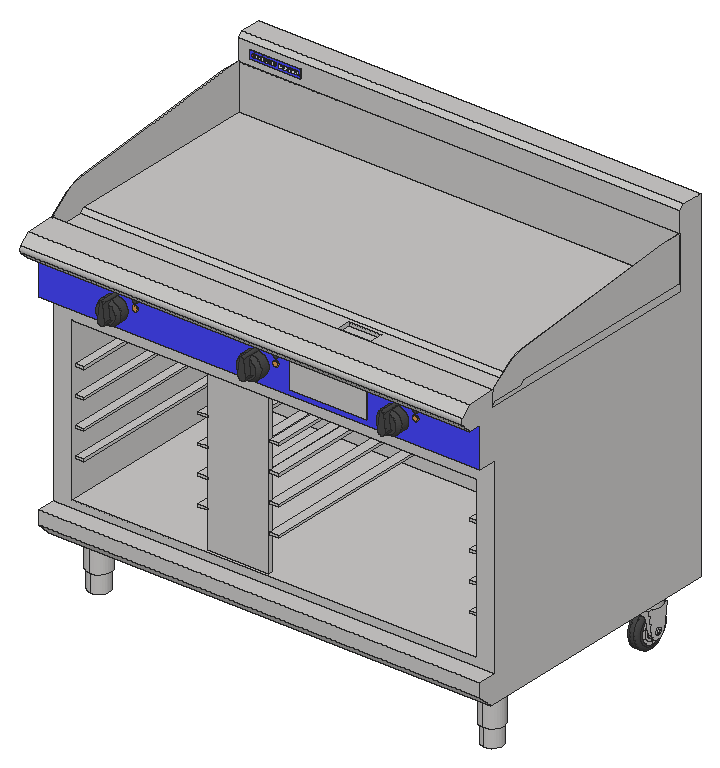
Revit family "QF_MOFFAT_BLUESEAL_CE_EP518-CB", category Specialty Equipment, Revit 2012
Parameters
  Weight in Pounds = 396  # constant formula
  Watts = 18000 W
  Volts = 400 V
  URL Cutsheet = "www.moffat.com"
  URL = "www.moffat.com"
  Type Mark [instance] = ""
  Status [instance] = ""
  Specification by User [instance] = ""
  Specification by Manufacturer = ""
  Show Logo [instance] = yes
  Show Casters [instance] = yes
  Serial Number = ""
  Seismic Rating = ""
  SMACNA No = ""
  Revision Code [instance] = ""
  Phase = 3
  Omniclass Number and Title = ""
  Number of Poles [instance] = 1
  NAFEM Spec ID Number = ""
  Model = "EP518-CB"
  Min Ckt Ampacity = 0 A
  Max Overcurrent Protection = 0 A
  Masterspec = ""
  Manufacturer = "MOFFAT BLUESEAL"
  Legs [instance] = not(Show Casters)  # no
  Item Number [instance] = ""
  Installed By [instance] = ""
  Identify Quantity as Lot [instance] = yes
  HP = ""
  Furnished By [instance] = ""
  Foodservice Equipment Identifier [instance] = yes
  FL Amps = 25 A
  Electrical Remarks = "25A PER PHASE"
  Electric Connection Type = ""
  Elec Conn RI Height = 0.0 mm
  Elec Conn Connection Height = 0.0 mm
  Description = "1200MM ELECTRIC GRIDDLE PLATE ON CABINET BASE"
  Cycle = 50 Hz
  Conn Plug = ""
  Conn Conduit = yes
  CSI MasterFormat = ""
  CSI Master Format = ""
  Body Height [instance] = 915.0 mm
  Base Height [instance] = 150.0 mm
  Apparent Power = if(Phase = 3, Volts * FL Amps * 1.73, Volts * FL Amps)  # 17300 VA
Reference planes
  plane 1 "BACK": y = 0
  plane 2: z = 0
  plane 3 "LEFT": x = 0
  plane 4 "RIGHT": x = 1200
  plane 5 "FRONT": y = -812
  plane 6 "TOP": z = 970
  plane 7 "Center Y": x = 600
  plane 8 "Center X": y = -406
  plane 9 "Base Height": z = 150
  plane 10: x = 1134
  plane 11: x = 65
  plane 12: z = 915
  plane 13: z = 1085
  plane 14: y = -100
  plane 15: y = -625
Forms (mm)
  Extrusion 1, solid, material "QF_Finishes_Stainless Steel"
    sketch origin (0, 0, 0) x (0, 1, 0) y (0, 0, 1)
      loop
        line (0, 150) -> (0, 1085) -> (-57.5, 1085) -> (-70, 1072.5) -> (-70, 875) -> (-705, 875) -> (-705, 915) -> (-783.97, 915) -> (-808.485, 890.485)
        arc (-808.485, 890.485) -> (-811.999, 882) -> (-808.485, 873.515) r 12
        line (-808.485, 873.515) -> (-784.97, 850) -> (-749, 850) -> (-749, 740) -> (-135.7, 740) -> (-135.7, 150) -> (0, 150)
      loop
        line (-699, 222.5) -> (-749, 222.5) -> (-749, 186) -> (-713, 150) -> (-699, 150) -> (-699, 222.5)
    from 0 to 1200
  Extrusion 2, solid, material "QF_Finishes_Stainless Steel"
    sketch origin (705, 3, 100) x (1, 0, 0) y (0, 1, 0)
      loop
        circle (365, -35) r 13.5
    from 555 to 599.856
  Revolve 3, solid, material "QF_Finishes_Stainless Steel"
    sketch origin (65, -728, 0) x (0, 1, 0) y (0, 0, 1)
      loop
        line (71.25, 150) -> (71.25, 50) -> (75.5, 50) -> (75.5, 0) -> (103, 0) -> (103, 150) -> (71.25, 150)
      axis (103, 150) -> (103, 0)
    angle from 0 to 360
  Revolve 4, solid, material "QF_Finishes_Stainless Steel"
    sketch origin (1134, -728, 0) x (0, 1, 0) y (0, 0, -1)
      loop
        line (71.25, -150) -> (103, -150) -> (103, 0) -> (75.5, 0) -> (75.5, -50) -> (71.25, -50) -> (71.25, -150)
      axis (103, -150) -> (103, 0)
    angle from 0 to 360
  Extrusion 5, solid, material "QF_Finishes_Stainless Steel"
    sketch origin (0, 0, 0) x (1, 0, 0) y (0, 0, 1)
      loop
        line (0, 740) -> (0, 150) -> (1200, 150) -> (1200, 740) -> (0, 740)
      loop
        line (50, 680) -> (50, 242.5) -> (1150, 242.5) -> (1150, 680) -> (50, 680)
    from 135.7 to 699
  Extrusion 6, void
    sketch origin (0, 0, 150) x (-1, 0, 0) y (0, -1, 0)
      loop
        line (-1133.988, 87.26) -> (-1133.988, -30.24) -> (-1004.488, -30.24) -> (-1004.488, 38.76) -> (-1052.988, 87.26) -> (-1133.988, 87.26)
    from 72.5 to 549.856
  Extrusion 7, solid, material "QF_Finishes_Stainless Steel"
    sketch origin (0, -135.7, 735) x (0, 0, 1) y (-1, 0, 0)
      loop
        line (-50, -578.5) -> (-50, -412.5) -> (-492.5, -412.5) -> (-492.5, -578.5) -> (-50, -578.5)
    from 543.302 to 553.302
  Extrusion 8, solid, material "QF_Finishes_Stainless Steel"
    sketch origin (0, -135.7, 735) x (0, 0, 1) y (-1, 0, 0)
      loop
        line (-246.25, -410.75) -> (-239.9, -410.75) -> (-239.9, -385.75) -> (-246.25, -385.75) -> (-246.25, -410.75)
      loop
        line (-321.25, -410.75) -> (-314.9, -410.75) -> (-314.9, -385.75) -> (-321.25, -385.75) -> (-321.25, -410.75)
      loop
        line (-321.25, -50) -> (-321.25, -75) -> (-314.9, -75) -> (-314.9, -50) -> (-321.25, -50)
      loop
        line (-239.9, -75) -> (-239.9, -50) -> (-246.25, -50) -> (-246.25, -75) -> (-239.9, -75)
      loop
        line (-396.25, -410.75) -> (-389.9, -410.75) -> (-389.9, -385.75) -> (-396.25, -385.75) -> (-396.25, -410.75)
      loop
        line (-396.25, -50) -> (-396.25, -75) -> (-389.9, -75) -> (-389.9, -50) -> (-396.25, -50)
      loop
        line (-171.25, -410.75) -> (-164.9, -410.75) -> (-164.9, -385.75) -> (-171.25, -385.75) -> (-171.25, -410.75)
      loop
        line (-164.9, -75) -> (-164.9, -50) -> (-171.25, -50) -> (-171.25, -75) -> (-164.9, -75)
      loop
        line (-246.25, -579.25) -> (-246.25, -604.25) -> (-239.9, -604.25) -> (-239.9, -579.25) -> (-246.25, -579.25)
      loop
        line (-321.25, -579.25) -> (-321.25, -604.25) -> (-314.9, -604.25) -> (-314.9, -579.25) -> (-321.25, -579.25)
      loop
        line (-321.25, -1150) -> (-314.9, -1150) -> (-314.9, -1125) -> (-321.25, -1125) -> (-321.25, -1150)
      loop
        line (-239.9, -1125) -> (-246.25, -1125) -> (-246.25, -1150) -> (-239.9, -1150) -> (-239.9, -1125)
      loop
        line (-396.25, -579.25) -> (-396.25, -604.25) -> (-389.9, -604.25) -> (-389.9, -579.25) -> (-396.25, -579.25)
      loop
        line (-396.25, -1150) -> (-389.9, -1150) -> (-389.9, -1125) -> (-396.25, -1125) -> (-396.25, -1150)
      loop
        line (-171.25, -579.25) -> (-171.25, -604.25) -> (-164.9, -604.25) -> (-164.9, -579.25) -> (-171.25, -579.25)
      loop
        line (-164.9, -1125) -> (-171.25, -1125) -> (-171.25, -1150) -> (-164.9, -1150) -> (-164.9, -1125)
    from 0 to 553.302
  Revolve 9, solid, material "QF_Finishes_Black"
    sketch origin (217.5, 7, 757.8) x (0, 1, 0) y (0, 0, -1)
      loop
        line (-789, -69.5) -> (-766, -69.5) -> (-766, -42) -> (-756, -42) -> (-756, -37) -> (-800, -37) -> (-800, -63.651) -> (-789, -69.5)
      axis (-800, -37) -> (-756, -37)
    angle from 0 to 360
  Extrusion 10, solid, material "QF_Finishes_Black"
    sketch origin (355.77, 0, 757.958) x (-1, 0, 0) y (0, 0, -1)
      loop
        line (127.85, -26.064) -> (133.27, -68.983)
        arc (133.27, -68.983) -> (138.269, -73.87) -> (143.267, -68.983) r 5
        line (143.267, -68.983) -> (148.756, -24.898)
        arc (148.756, -24.898) -> (137.684, -14.399) -> (127.85, -26.064) r 10.487
    from 759 to 808
  Revolve 11, solid, material "QF_Finishes_Black"
    sketch origin (600, 7, 757.8) x (0, 1, 0) y (0, 0, -1)
      loop
        line (-789, -69.5) -> (-766, -69.5) -> (-766, -42) -> (-756, -42) -> (-756, -37) -> (-800, -37) -> (-800, -63.651) -> (-789, -69.5)
      axis (-800, -37) -> (-756, -37)
    angle from 0 to 360
  Extrusion 12, solid, material "QF_Finishes_Black"
    sketch origin (738.27, 0, 757.958) x (-1, 0, 0) y (0, 0, -1)
      loop
        line (127.85, -26.064) -> (133.27, -68.983)
        arc (133.27, -68.983) -> (138.269, -73.87) -> (143.267, -68.983) r 5
        line (143.267, -68.983) -> (148.756, -24.898)
        arc (148.756, -24.898) -> (137.684, -14.399) -> (127.85, -26.064) r 10.487
    from 759 to 808
  Revolve 13, solid, material "QF_Finishes_Stainless Steel", visible <- "Legs"
    sketch origin (65.5, -166, 0) x (0, 1, 0) y (0, 0, 1)
      loop
        line (34.25, 150) -> (34.25, 50) -> (38.5, 50) -> (38.5, 0) -> (66, 0) -> (66, 150) -> (34.25, 150)
      axis (66, 150) -> (66, 0)
    angle from 0 to 360
  Revolve 14, solid, material "QF_Finishes_Stainless Steel", visible <- "Show Casters"
    sketch origin (16.276, -100.755, -12.8) x (1, 0, 0) y (0, 0, 1)
      loop
        line (14.841, 63.604) -> (83.584, 63.604) -> (83.584, 67.109) -> (82.314, 68.379) -> (80.79, 68.379) -> (80.79, 71.826) -> (68.644, 71.826) -> (68.644, 81.79) -> (65.088, 83.843) -> (63.738, 92.179) -> (65.881, 92.179) -> (65.881, 98.529) -> (65.088, 98.529) -> (65.088, 104.879)
        arc (65.088, 104.879) -> (62.298, 111.614) -> (55.563, 114.404) r 9.525
        line (55.563, 114.404) -> (42.863, 114.404)
        arc (42.863, 114.404) -> (36.127, 111.614) -> (33.338, 104.879) r 9.525
        line (33.338, 104.879) -> (33.338, 98.529) -> (32.544, 98.529) -> (32.544, 92.179) -> (34.687, 92.179) -> (33.352, 83.932) -> (29.782, 81.871) -> (29.782, 71.826) -> (17.635, 71.826) -> (17.635, 68.379) -> (16.111, 68.379) -> (14.841, 67.109) -> (14.841, 63.604)
      axis (14.841, 63.604) -> (83.584, 63.604)
    angle from 0 to 360
  Extrusion 15, solid, material "QF_Finishes_Stainless Steel", visible <- "Show Casters"
    sketch origin (72.001, 132.353, -8.783) x (0, 1, 0) y (0, 0, 1)
      loop
        line (-200.603, 118.783) -> (-264.103, 118.783) -> (-251.746, 53.895)
        arc (-251.746, 53.895) -> (-232.353, 38.783) -> (-212.959, 53.895) r 20
        line (-212.959, 53.895) -> (-200.603, 118.783)
    from -35.667 to 22.923
  Revolve 16, solid, material "QF_Finishes_Stainless Steel", visible <- "Show Casters"
    sketch origin (65.5, -204, 0) x (0, 1, 0) y (0, 0, 1)
      loop
        line (68.25, 150) -> (68.25, 110) -> (104, 110) -> (104, 150) -> (68.25, 150)
      axis (104, 150) -> (104, 110)
    angle from 0 to 360
  Revolve 17, solid, material "QF_Finishes_Stainless Steel", visible <- "Legs"
    sketch origin (65.5, -166, 0) x (0, 1, 0) y (0, 0, 1)
      loop
        line (34.25, 150) -> (34.25, 50) -> (38.5, 50) -> (38.5, 0) -> (66, 0) -> (66, 150) -> (34.25, 150)
      axis (66, 150) -> (66, 0)
    angle from 0 to 360
  Revolve 18, solid, material "QF_Finishes_Stainless Steel", visible <- "Legs"
    sketch origin (1134.5, -166, 0) x (0, 1, 0) y (0, 0, -1)
      loop
        line (34.25, -150) -> (66, -150) -> (66, 0) -> (38.5, 0) -> (38.5, -50) -> (34.25, -50) -> (34.25, -150)
      axis (66, -150) -> (66, 0)
    angle from 0 to 360
  Revolve 19, solid, material "QF_Finishes_Stainless Steel", visible <- "Show Casters"
    sketch origin (1183.724, -100.755, -12.8) x (-1, 0, 0) y (0, 0, -1)
      loop
        line (14.841, -63.604) -> (14.841, -67.109) -> (16.111, -68.379) -> (17.635, -68.379) -> (17.635, -71.826) -> (29.782, -71.826) -> (29.782, -81.871) -> (33.352, -83.932) -> (34.687, -92.179) -> (32.544, -92.179) -> (32.544, -98.529) -> (33.338, -98.529) -> (33.338, -104.879)
        arc (33.338, -104.879) -> (36.127, -111.614) -> (42.863, -114.404) r 9.525
        line (42.863, -114.404) -> (55.563, -114.404)
        arc (55.563, -114.404) -> (62.298, -111.614) -> (65.088, -104.879) r 9.525
        line (65.088, -104.879) -> (65.088, -98.529) -> (65.881, -98.529) -> (65.881, -92.179) -> (63.738, -92.179) -> (65.088, -83.843) -> (68.644, -81.79) -> (68.644, -71.826) -> (80.79, -71.826) -> (80.79, -68.379) -> (82.314, -68.379) -> (83.584, -67.109) -> (83.584, -63.604) -> (14.841, -63.604)
      axis (14.841, -63.604) -> (83.584, -63.604)
    angle from 0 to 360
  Extrusion 20, solid, material "QF_Finishes_Stainless Steel", visible <- "Show Casters"
    sketch origin (1127.999, 132.353, -8.783) x (0, 1, 0) y (0, 0, -1)
      loop
        line (-200.603, -118.783) -> (-212.959, -53.895)
        arc (-212.959, -53.895) -> (-232.353, -38.783) -> (-251.746, -53.895) r 20
        line (-251.746, -53.895) -> (-264.103, -118.783) -> (-200.603, -118.783)
    from -35.667 to 22.923
  Revolve 21, solid, material "QF_Finishes_Stainless Steel", visible <- "Show Casters"
    sketch origin (1134.5, -204, 0) x (0, 1, 0) y (0, 0, -1)
      loop
        line (68.25, -150) -> (104, -150) -> (104, -110) -> (68.25, -110) -> (68.25, -150)
      axis (104, -150) -> (104, -110)
    angle from 0 to 360
  Revolve 22, solid, material "QF_Finishes_Stainless Steel", visible <- "Legs"
    sketch origin (1134.5, -166, 0) x (0, 1, 0) y (0, 0, -1)
      loop
        line (34.25, -150) -> (66, -150) -> (66, 0) -> (38.5, 0) -> (38.5, -50) -> (34.25, -50) -> (34.25, -150)
      axis (66, -150) -> (66, 0)
    angle from 0 to 360
  Extrusion 23, solid, material "QF_Finishes_Orange"
    sketch origin (0, -749, 850) x (0, 0, -1) y (1, 0, 0)
      loop
        circle (45.2, 1025.121) r 7.15
      loop
        circle (45.2, 645.005) r 7.15
      loop
        circle (45.2, 262.505) r 7.15
    from 0 to 1
  Revolve 24, solid, material "QF_Finishes_Black"
    sketch origin (980.116, 7, 757.8) x (0, 1, 0) y (0, 0, -1)
      loop
        line (-789, -69.5) -> (-766, -69.5) -> (-766, -42) -> (-756, -42) -> (-756, -37) -> (-800, -37) -> (-800, -63.651) -> (-789, -69.5)
      axis (-800, -37) -> (-756, -37)
    angle from 0 to 360
  Extrusion 25, solid, material "QF_Finishes_Black"
    sketch origin (1118.385, 0, 757.958) x (-1, 0, 0) y (0, 0, -1)
      loop
        line (127.85, -26.064) -> (133.27, -68.983)
        arc (133.27, -68.983) -> (138.269, -73.87) -> (143.267, -68.983) r 5
        line (143.267, -68.983) -> (148.756, -24.898)
        arc (148.756, -24.898) -> (137.684, -14.399) -> (127.85, -26.064) r 10.487
    from 759 to 808
  Extrusion 26, solid, material "QF_Finishes_Black"
    sketch origin (0, -749, 850) x (0, 0, -1) y (1, 0, 0)
      loop
        circle (25.2, 1025.121) r 7.15
      loop
        circle (25.2, 645.005) r 7.15
      loop
        circle (25.2, 262.505) r 7.15
    from 0 to 1
  Extrusion 27, solid, material "QF_Finishes_Stainless Steel"
    sketch origin (0, -749, 850) x (0, 0, -1) y (1, 0, 0)
      loop
        line (9.201, 893) -> (9.201, 683) -> (96.1, 683) -> (96.1, 893) -> (9.201, 893)
    from 0 to 1
  Extrusion 28, solid, material "QF_Finishes_Black"
    sketch origin (0, -750, 850) x (0, 0, -1) y (1, 0, 0)
      loop
        line (9.201, 893) -> (9.201, 683) -> (14.201, 683) -> (14.201, 893) -> (9.201, 893)
    from 0 to 10
Cuts and joins
  Extrusion 6 cuts Extrusion 1
  joined: Extrusion 1, Extrusion 5
Lines and regions (mm)
  Split face 1
    outline origin (1200, 0, 1085) x (-1, 0, 0) y (0, -1, 0)
      loop
        arc (1167.206, 18.385) -> (1175.866, 23.385) -> (1175.866, 33.385) r 10
        line (1175.866, 33.385) -> (1171.824, 40.385)
        arc (1171.824, 40.385) -> (1168.164, 44.045) -> (1163.164, 45.385) r 10
        line (1163.164, 45.385) -> (935.206, 45.385)
        arc (935.206, 45.385) -> (926.545, 40.385) -> (926.545, 30.385) r 10
        line (926.545, 30.385) -> (930.587, 23.385)
        arc (930.587, 23.385) -> (934.247, 19.725) -> (939.247, 18.385) r 10
        line (939.247, 18.385) -> (1167.206, 18.385)
  Split face 2
    outline origin (1200, 0, 1085) x (-1, 0, 0) y (0, -1, 0)
      loop
        arc (35.206, 45.385) -> (26.545, 40.385) -> (26.545, 30.385) r 10
        line (26.545, 30.385) -> (30.587, 23.385)
        arc (30.587, 23.385) -> (34.247, 19.725) -> (39.247, 18.385) r 10
        line (39.247, 18.385) -> (267.206, 18.385)
        arc (267.206, 18.385) -> (275.866, 23.385) -> (275.866, 33.385) r 10
        line (275.866, 33.385) -> (271.824, 40.385)
        arc (271.824, 40.385) -> (268.164, 44.045) -> (263.164, 45.385) r 10
        line (263.164, 45.385) -> (35.206, 45.385)
  Split face 3
    outline origin (1200, 0, 1085) x (-1, 0, 0) y (0, -1, 0)
      loop
        arc (335.206, 45.385) -> (326.545, 40.385) -> (326.545, 30.385) r 10
        line (326.545, 30.385) -> (330.587, 23.385)
        arc (330.587, 23.385) -> (334.247, 19.725) -> (339.247, 18.385) r 10
        line (339.247, 18.385) -> (567.206, 18.385)
        arc (567.206, 18.385) -> (575.866, 23.385) -> (575.866, 33.385) r 10
        line (575.866, 33.385) -> (571.824, 40.385)
        arc (571.824, 40.385) -> (568.164, 44.045) -> (563.164, 45.385) r 10
        line (563.164, 45.385) -> (335.206, 45.385)
  Split face 4
    outline origin (1200, 0, 1085) x (-1, 0, 0) y (0, -1, 0)
      loop
        arc (867.206, 18.385) -> (875.866, 23.385) -> (875.866, 33.385) r 10
        line (875.866, 33.385) -> (871.824, 40.385)
        arc (871.824, 40.385) -> (868.164, 44.045) -> (863.164, 45.385) r 10
        line (863.164, 45.385) -> (635.206, 45.385)
        arc (635.206, 45.385) -> (626.545, 40.385) -> (626.545, 30.385) r 10
        line (626.545, 30.385) -> (630.587, 23.385)
        arc (630.587, 23.385) -> (634.247, 19.725) -> (639.247, 18.385) r 10
        line (639.247, 18.385) -> (867.206, 18.385)
  symbolic lines
    curve 1: line (1200, -812, 0) -> (1200, 0, 0)
    curve 2: line (0, -812, 0) -> (1200, -812, 0)
    curve 3: line (0, 0, 0) -> (0, -812, 0)
    curve 12: line (632.794, -18.385, 0) -> (860.753, -18.385, 0)
    curve 13: line (560.753, -18.385, 0) -> (332.794, -18.385, 0)
    curve 14: arc (332.794, -18.385, 0) -> (324.134, -23.385, 0) -> (324.134, -33.385, 0) r 10
    curve 15: line (324.134, -33.385, 0) -> (328.176, -40.385, 0)
    curve 16: arc (328.176, -40.385, 0) -> (331.836, -44.045, 0) -> (336.836, -45.385, 0) r 10
    curve 17: line (336.836, -45.385, 0) -> (564.794, -45.385, 0)
    curve 18: arc (564.794, -45.385, 0) -> (573.455, -40.385, 0) -> (573.455, -30.385, 0) r 10
    curve 19: line (573.455, -30.385, 0) -> (569.413, -23.385, 0)
    curve 20: arc (569.413, -23.385, 0) -> (565.753, -19.725, 0) -> (560.753, -18.385, 0) r 10
    curve 21: line (32.794, -18.385, 0) -> (260.753, -18.385, 0)
    curve 22: arc (260.753, -18.385, 0) -> (265.753, -19.725, 0) -> (269.413, -23.385, 0) r 10
    curve 23: line (269.413, -23.385, 0) -> (273.455, -30.385, 0)
    curve 24: arc (273.455, -30.385, 0) -> (273.455, -40.385, 0) -> (264.794, -45.385, 0) r 10
    curve 25: line (264.794, -45.385, 0) -> (36.836, -45.385, 0)
    curve 26: arc (36.836, -45.385, 0) -> (31.836, -44.045, 0) -> (28.176, -40.385, 0) r 10
    curve 27: line (28.176, -40.385, 0) -> (24.134, -33.385, 0)
    curve 28: arc (24.134, -33.385, 0) -> (24.134, -23.385, 0) -> (32.794, -18.385, 0) r 10
    curve 29: line (932.794, -18.385, 0) -> (1160.753, -18.385, 0)
    curve 30: arc (1160.753, -18.385, 0) -> (1165.753, -19.725, 0) -> (1169.413, -23.385, 0) r 10
    curve 31: line (1169.413, -23.385, 0) -> (1173.455, -30.385, 0)
    curve 32: arc (1173.455, -30.385, 0) -> (1173.455, -40.385, 0) -> (1164.794, -45.385, 0) r 10
    curve 33: line (1164.794, -45.385, 0) -> (936.836, -45.385, 0)
    curve 34: arc (936.836, -45.385, 0) -> (931.836, -44.045, 0) -> (928.176, -40.385, 0) r 10
    curve 35: line (928.176, -40.385, 0) -> (924.134, -33.385, 0)
    curve 36: arc (924.134, -33.385, 0) -> (924.134, -23.385, 0) -> (932.794, -18.385, 0) r 10
    curve 37: line (636.836, -45.385, 0) -> (864.794, -45.385, 0)
    curve 38: arc (864.794, -45.385, 0) -> (873.455, -40.385, 0) -> (873.455, -30.385, 0) r 10
    curve 39: line (873.455, -30.385, 0) -> (869.413, -23.385, 0)
    curve 40: arc (869.413, -23.385, 0) -> (865.753, -19.725, 0) -> (860.753, -18.385, 0) r 10
    curve 41: line (860.753, -18.385, 0) -> (632.794, -18.385, 0)
    curve 42: arc (632.794, -18.385, 0) -> (624.134, -23.385, 0) -> (624.134, -33.385, 0) r 10
    curve 43: line (624.134, -33.385, 0) -> (628.176, -40.385, 0)
    curve 44: arc (628.176, -40.385, 0) -> (631.836, -44.045, 0) -> (636.836, -45.385, 0) r 10
    curve 45: line (0, 0, 0) -> (1200, 0, 0)
    curve 46: line (0, -783.97, 0) -> (1200, -783.97, 0)
    curve 47: line (-1, -705, 0) -> (1199, -705, 0)
    curve 48: line (0, -70, 0) -> (1200, -70, 0)
    curve 49: line (0, -57.5, 0) -> (1200, -57.5, 0)
  symbolic lines, style "SpecialityEquipmentHiddenLines", visible <- "Show Casters"
    curve 4: line (78.456, -46.735, 0) -> (105.952, -62.61, 0)
    curve 5: line (27.656, -134.723, 0) -> (78.456, -46.735, 0)
    curve 6: line (55.152, -150.598, 0) -> (27.656, -134.723, 0)
    curve 7: line (105.952, -62.61, 0) -> (55.152, -150.598, 0)
    curve 8: line (1148.456, -46.735, 0) -> (1175.952, -62.61, 0)
    curve 9: line (1097.656, -134.723, 0) -> (1148.456, -46.735, 0)
    curve 10: line (1125.152, -150.598, 0) -> (1097.656, -134.723, 0)
    curve 11: line (1175.952, -62.61, 0) -> (1125.152, -150.598, 0)
Dimensions and locks
  equal spacing: plane 3 "LEFT", plane 7 "Center Y", plane 4 "RIGHT"
  plane 3 "LEFT" to plane 4 "RIGHT" = 1200.0 mm
  equal spacing: plane 5 "FRONT", plane 8 "Center X", plane 1 "BACK"
  plane 5 "FRONT" to plane 1 "BACK" = 812.0 mm
  "Base Height": plane 9 "Base Height" to level
  plane 6 "TOP" to level = 970.0 mm
  plane 10 to plane 11 = 1069.0 mm
  level to Extrusion 2 = 655.0 mm
  Extrusion 6 to Extrusion 6 = 477.356 mm
  plane 13 to plane 2 = 1085.0 mm
  Extrusion 2 sketch curve to plane 1 "BACK" = 32.0 mm
  Revolve 14 sketch curve to Revolve 14 sketch curve = 50.8 mm
  Revolve 19 sketch curve to Revolve 19 sketch curve = 50.8 mm
  aligned and locked: level to plane 2
Automatic sketch dimensions
  curve 2 to plane 3 "LEFT" = 0.0 mm
  curve 2 to plane 4 "RIGHT" = 0.0 mm
  plane 5 "FRONT" to curve 3 = 0.0 mm
  plane 1 "BACK" to curve 3 = 0.0 mm
  curve 47 to plane 3 "LEFT" = 1.0 mm
  plane 3 "LEFT" to curve 27 = 24.134 mm
  plane 3 "LEFT" to curve 5 = 27.656 mm
  curve 28 to curve 27 = 4.041 mm
  curve 28 to curve 28 = 8.66 mm
  curve 26 to curve 25 = 8.66 mm
  curve 7 to plane 11 = 9.848 mm
  plane 11 to curve 4 = 13.456 mm
  plane 1 "BACK" to curve 22 = 28.385 mm
  curve 4 to curve 22 = 154.801 mm
  curve 22 to curve 25 = 4.041 mm
  plane 1 "BACK" to curve 23 = 23.385 mm
  curve 22 to curve 23 = 8.66 mm
  plane 1 "BACK" to curve 23 = 30.385 mm
  curve 22 to curve 23 = 4.041 mm
  curve 23 to curve 14 = 50.679 mm
  plane 1 "BACK" to curve 15 = 40.385 mm
  curve 15 to curve 15 = 4.041 mm
  curve 14 to curve 13 = 8.66 mm
  curve 15 to curve 17 = 8.66 mm
  curve 20 to plane 7 "Center Y" = 39.247 mm
  curve 20 to curve 17 = 4.041 mm
  curve 20 to curve 19 = 8.66 mm
  curve 19 to curve 18 = 4.041 mm
  plane 7 "Center Y" to curve 42 = 24.134 mm
  curve 42 to curve 44 = 4.041 mm
  curve 43 to curve 42 = 8.66 mm
  curve 44 to curve 37 = 8.66 mm
  plane 1 "BACK" to curve 40 = 18.385 mm
  curve 44 to curve 40 = 223.917 mm
  curve 40 to curve 38 = 4.041 mm
  curve 40 to curve 40 = 8.66 mm
  curve 39 to curve 38 = 4.041 mm
  plane 1 "BACK" to curve 35 = 33.385 mm
  curve 39 to curve 35 = 50.679 mm
  plane 1 "BACK" to curve 35 = 40.385 mm
  curve 36 to curve 35 = 4.041 mm
  curve 36 to curve 36 = 8.66 mm
  curve 36 to curve 34 = 4.041 mm
  curve 10 to plane 10 = 36.344 mm
  curve 11 to plane 10 = 8.848 mm
  plane 10 to curve 8 = 14.456 mm
  plane 10 to curve 29 = 26.753 mm
  curve 8 to curve 33 = 16.339 mm
  curve 29 to curve 30 = 8.66 mm
  curve 31 to curve 31 = 4.041 mm
  plane 4 "RIGHT" to curve 47 = 1.0 mm
  curve 46 to plane 5 "FRONT" = 28.03 mm
  curve 46 to curve 47 = 78.97 mm
  plane 14 to curve 7 = 50.598 mm
  plane 14 to curve 10 = 50.598 mm
  curve 10 to curve 10 = 15.875 mm
  curve 6 to curve 5 = 15.875 mm
  curve 48 to plane 14 = 30.0 mm
  curve 48 to curve 49 = 12.5 mm
  curve 37 to curve 12 = 27.0 mm
  curve 25 to curve 21 = 27.0 mm
  curve 16 to curve 15 = 5.0 mm
  curve 34 to curve 34 = 5.0 mm
  curve 25 to curve 27 = 5.0 mm
  curve 37 to curve 44 = 5.0 mm
  curve 33 to curve 32 = 10.0 mm
  curve 17 to curve 18 = 10.0 mm
  curve 37 to curve 38 = 10.0 mm
  curve 26 to curve 27 = 7.0 mm
  curve 16 to curve 14 = 7.0 mm  (x2)
  curve 43 to curve 43 = 7.0 mm
  curve 38 to curve 40 = 7.0 mm
  curve 18 to curve 20 = 7.0 mm
  curve 34 to curve 36 = 7.0 mm
  curve 32 to curve 30 = 7.0 mm
  Extrusion 1 sketch curve to plane 12 = 0.0 mm
  Extrusion 1 sketch curve to plane 9 "Base Height" = 0.0 mm  (x2)
  Extrusion 1 sketch curve to plane 13 = 0.0 mm
  Extrusion 1 sketch curve to plane 1 "BACK" = 0.0 mm
  Extrusion 1 sketch curve to plane 14 = 42.5 mm
  Extrusion 1 sketch curve to plane 13 = 12.5 mm
  Extrusion 1 sketch curve to Extrusion 1 sketch curve = 12.5 mm
  plane 14 to Extrusion 1 sketch curve = 35.7 mm
  plane 15 to Extrusion 1 sketch curve = 74.0 mm
  Extrusion 1 sketch curve to plane 12 = 40.0 mm
  plane 15 to Extrusion 1 sketch curve = 80.0 mm
  Extrusion 1 sketch curve to Extrusion 1 sketch curve = 14.0 mm
  Extrusion 1 sketch curve to plane 5 "FRONT" = 63.0 mm
  Extrusion 1 sketch curve to Extrusion 1 sketch curve = 50.0 mm
  Extrusion 1 sketch curve to plane 5 "FRONT" = 28.03 mm
  Extrusion 1 sketch curve to plane 5 "FRONT" = 27.03 mm
  Extrusion 1 sketch curve to plane 5 "FRONT" = 12.001 mm
  Extrusion 1 sketch curve to plane 5 "FRONT" = 3.515 mm  (x2)
  plane 9 "Base Height" to Extrusion 1 sketch curve = 36.0 mm
  Extrusion 1 sketch curve to Extrusion 1 sketch curve = 36.5 mm
  Extrusion 1 sketch curve to Extrusion 1 sketch curve = 135.0 mm
  Extrusion 1 sketch curve to Extrusion 1 sketch curve = 25.0 mm
  Extrusion 1 sketch curve to Extrusion 1 sketch curve = 23.515 mm
  Extrusion 1 sketch curve to Extrusion 1 sketch curve = 8.485 mm
  Extrusion 2 sketch curve to plane 10 = 64.0 mm
  Revolve 3 sketch curve to plane 9 "Base Height" = 0.0 mm
  Revolve 3 sketch curve to level = 0.0 mm
  Revolve 3 sketch curve to plane 15 = 0.0 mm  (x2)
  plane 15 to Revolve 3 sketch curve = 27.5 mm
  plane 15 to Revolve 3 sketch curve = 31.75 mm
  Revolve 3 sketch curve to Revolve 3 sketch curve = 55.0 mm
  level to Revolve 3 sketch curve = 50.0 mm
  Revolve 3 sketch curve to Revolve 3 sketch curve = 0.0 mm
  Revolve 4 sketch curve to plane 9 "Base Height" = 0.0 mm
  Revolve 4 sketch curve to level = 0.0 mm
  Revolve 4 sketch curve to plane 15 = 0.0 mm  (x2)
  plane 15 to Revolve 4 sketch curve = 27.5 mm
  plane 15 to Revolve 4 sketch curve = 31.75 mm
  level to Revolve 4 sketch curve = 50.0 mm
  Revolve 4 sketch curve to Revolve 4 sketch curve = 0.0 mm
  Revolve 4 sketch curve to Revolve 4 sketch curve = 55.0 mm
  Extrusion 5 sketch curve to plane 3 "LEFT" = 0.0 mm
  plane 4 "RIGHT" to Extrusion 5 sketch curve = 0.0 mm
  Extrusion 5 sketch curve to plane 9 "Base Height" = 0.0 mm
  Extrusion 5 sketch curve to plane 11 = 15.0 mm
  plane 10 to Extrusion 5 sketch curve = 16.0 mm
  plane 9 "Base Height" to Extrusion 5 sketch curve = 92.5 mm
  Extrusion 5 sketch curve to plane 12 = 235.0 mm
  Extrusion 5 sketch curve to Extrusion 5 sketch curve = 60.0 mm
  Extrusion 6 sketch curve to plane 10 = 0.012 mm
  Extrusion 6 sketch curve to plane 14 = 12.74 mm
  Extrusion 6 sketch curve to Extrusion 6 sketch curve = 81.0 mm
  Extrusion 6 sketch curve to Extrusion 6 sketch curve = 48.5 mm
  plane 1 "BACK" to Extrusion 6 sketch curve = 38.76 mm
  Extrusion 6 sketch curve to plane 1 "BACK" = 30.24 mm
  Extrusion 7 sketch curve to Extrusion 1 = 92.5 mm
  Extrusion 1 to Extrusion 7 sketch curve = 55.0 mm
  Extrusion 1 to Extrusion 7 sketch curve = 578.5 mm
  Extrusion 7 sketch curve to Extrusion 7 sketch curve = 166.0 mm
  Extrusion 1 to Extrusion 8 sketch curve = 75.0 mm  (x2)
  Extrusion 8 sketch curve to Extrusion 1 = 188.75 mm  (x3)
  Extrusion 8 sketch curve to Extrusion 8 sketch curve = 0.0 mm  (x9)
  Extrusion 1 to Extrusion 8 sketch curve = 50.0 mm  (x4)
  Extrusion 8 sketch curve to Extrusion 8 sketch curve = 6.35 mm  (x16)
  Extrusion 8 sketch curve to Extrusion 8 sketch curve = 68.65 mm  (x12)
  Extrusion 8 sketch curve to Extrusion 8 sketch curve = 25.0 mm  (x16)
  Extrusion 8 sketch curve to Extrusion 8 sketch curve = 520.75 mm
  Extrusion 8 sketch curve to Extrusion 8 sketch curve = 168.5 mm
  Revolve 9 sketch curve to plane 5 "FRONT" = 19.0 mm
  Revolve 9 sketch curve to Revolve 9 sketch curve = 0.0 mm  (x2)
  Revolve 9 sketch curve to Revolve 9 sketch curve = 11.0 mm
  Revolve 9 sketch curve to Revolve 9 sketch curve = 12.7 mm
  Revolve 9 sketch curve to Revolve 9 sketch curve = 23.0 mm
  Revolve 9 sketch curve to Revolve 9 sketch curve = 10.0 mm
  Revolve 9 sketch curve to plane 12 = 87.7 mm
  Revolve 9 sketch curve to Revolve 9 sketch curve = 5.849 mm
  Revolve 9 sketch curve to Revolve 9 sketch curve = 27.5 mm
  Revolve 9 sketch curve to Revolve 9 sketch curve = 5.0 mm
  Extrusion 10 sketch curve to plane 7 "Center Y" = 372.08 mm
  Extrusion 10 sketch curve to Extrusion 10 sketch curve = 5.421 mm
  Extrusion 10 sketch curve to Extrusion 10 sketch curve = 10.419 mm
  Extrusion 10 sketch curve to Extrusion 10 sketch curve = 4.999 mm  (x2)
  Extrusion 10 sketch curve to plane 12 = 88.059 mm
  Extrusion 10 sketch curve to Extrusion 10 sketch curve = 10.487 mm
  Extrusion 10 sketch curve to Extrusion 10 sketch curve = 0.113 mm
  Extrusion 10 sketch curve to Extrusion 10 sketch curve = 42.919 mm
  Extrusion 10 sketch curve to Extrusion 10 sketch curve = 1.167 mm
  Revolve 11 sketch curve to plane 5 "FRONT" = 19.0 mm
  Revolve 11 sketch curve to Revolve 11 sketch curve = 0.0 mm  (x2)
  Revolve 11 sketch curve to Revolve 11 sketch curve = 11.0 mm
  Revolve 11 sketch curve to Revolve 11 sketch curve = 12.7 mm
  Revolve 11 sketch curve to Revolve 11 sketch curve = 23.0 mm
  Revolve 11 sketch curve to Revolve 11 sketch curve = 10.0 mm
  Revolve 11 sketch curve to plane 12 = 87.7 mm
  Revolve 11 sketch curve to Revolve 11 sketch curve = 5.849 mm
  Revolve 11 sketch curve to Revolve 11 sketch curve = 27.5 mm
  Revolve 11 sketch curve to Revolve 11 sketch curve = 5.0 mm
  plane 7 "Center Y" to Extrusion 12 sketch curve = 10.42 mm
  Extrusion 12 sketch curve to Extrusion 12 sketch curve = 5.421 mm
  Extrusion 12 sketch curve to Extrusion 12 sketch curve = 10.419 mm
  Extrusion 12 sketch curve to Extrusion 12 sketch curve = 4.999 mm  (x2)
  Extrusion 12 sketch curve to Extrusion 12 sketch curve = 10.487 mm
  Extrusion 12 sketch curve to plane 12 = 88.059 mm
  Extrusion 12 sketch curve to Extrusion 12 sketch curve = 0.113 mm
  Extrusion 12 sketch curve to Extrusion 12 sketch curve = 42.919 mm
  Extrusion 12 sketch curve to Extrusion 12 sketch curve = 1.167 mm
  Split face 1 sketch curve to cut or joined group of Extrusion 1, Extrusion 5, Extrusion 6 = 27.115 mm
  Split face 1 sketch curve to cut or joined group of Extrusion 1, Extrusion 5, Extrusion 6 = 273.455 mm
  Split face 1 sketch curve to Split face 1 sketch curve = 4.041 mm  (x4)
  Split face 1 sketch curve to Split face 1 sketch curve = 8.66 mm  (x2)
  Split face 1 sketch curve to cut or joined group of Extrusion 1, Extrusion 5, Extrusion 6 = 12.115 mm
  Split face 1 sketch curve to cut or joined group of Extrusion 1, Extrusion 5, Extrusion 6 = 36.836 mm
  Split face 1 sketch curve to Split face 1 sketch curve = 7.0 mm  (x3)
  Split face 1 sketch curve to Split face 1 sketch curve = 17.0 mm
  Split face 2 sketch curve to cut or joined group of Extrusion 1, Extrusion 5, Extrusion 6 = 26.545 mm
  Split face 2 sketch curve to Split face 2 sketch curve = 4.041 mm  (x4)
  Split face 2 sketch curve to Split face 2 sketch curve = 8.66 mm  (x2)
  Split face 2 sketch curve to cut or joined group of Extrusion 1, Extrusion 5, Extrusion 6 = 22.115 mm
  Split face 2 sketch curve to Split face 2 sketch curve = 223.917 mm
  Split face 2 sketch curve to cut or joined group of Extrusion 1, Extrusion 5, Extrusion 6 = 17.115 mm
  Split face 2 sketch curve to Split face 2 sketch curve = 10.0 mm
  Split face 2 sketch curve to Split face 2 sketch curve = 7.0 mm  (x3)
  Split face 3 sketch curve to cut or joined group of Extrusion 1, Extrusion 5, Extrusion 6 = 27.115 mm
  Split face 3 sketch curve to cut or joined group of Extrusion 1, Extrusion 5, Extrusion 6 = 326.545 mm
  Split face 3 sketch curve to cut or joined group of Extrusion 1, Extrusion 5, Extrusion 6 = 23.385 mm
  Split face 3 sketch curve to Split face 3 sketch curve = 4.041 mm  (x3)
  Split face 3 sketch curve to Split face 3 sketch curve = 8.66 mm  (x3)
  Split face 3 sketch curve to cut or joined group of Extrusion 1, Extrusion 5, Extrusion 6 = 12.115 mm
  Split face 3 sketch curve to Split face 3 sketch curve = 223.917 mm
  Split face 3 sketch curve to cut or joined group of Extrusion 1, Extrusion 5, Extrusion 6 = 17.115 mm
  Split face 3 sketch curve to cut or joined group of Extrusion 1, Extrusion 5, Extrusion 6 = 24.115 mm
  Split face 3 sketch curve to Split face 3 sketch curve = 5.0 mm
  Split face 4 sketch curve to cut or joined group of Extrusion 1, Extrusion 5, Extrusion 6 = 27.115 mm
  Split face 4 sketch curve to cut or joined group of Extrusion 1, Extrusion 5, Extrusion 6 = 573.455 mm
  Split face 4 sketch curve to Split face 4 sketch curve = 4.041 mm  (x4)
  Split face 4 sketch curve to Split face 4 sketch curve = 8.66 mm  (x2)
  Split face 4 sketch curve to cut or joined group of Extrusion 1, Extrusion 5, Extrusion 6 = 12.115 mm
  Split face 4 sketch curve to Split face 4 sketch curve = 223.917 mm
  Split face 4 sketch curve to Split face 4 sketch curve = 7.0 mm  (x3)
  Split face 4 sketch curve to Split face 4 sketch curve = 17.0 mm
  Revolve 13 sketch curve to plane 9 "Base Height" = 0.0 mm
  Revolve 13 sketch curve to level = 0.0 mm
  Revolve 13 sketch curve to plane 14 = 0.0 mm  (x2)
  Revolve 13 sketch curve to Revolve 13 sketch curve = 27.5 mm
  Revolve 13 sketch curve to Revolve 13 sketch curve = 31.75 mm
  Revolve 13 sketch curve to Revolve 13 sketch curve = 55.0 mm
  level to Revolve 13 sketch curve = 50.0 mm
  Revolve 13 sketch curve to Revolve 13 sketch curve = 0.0 mm
  plane 3 "LEFT" to Revolve 14 sketch curve = 31.118 mm
  Revolve 14 sketch curve to Revolve 14 sketch curve = 1.27 mm  (x4)
  Revolve 14 sketch curve to Revolve 14 sketch curve = 1.524 mm  (x2)
  Revolve 14 sketch curve to Revolve 14 sketch curve = 12.146 mm  (x2)
  Revolve 14 sketch curve to plane 11 = 16.18 mm
  Revolve 14 sketch curve to Revolve 14 sketch curve = 0.794 mm  (x2)
  Revolve 14 sketch curve to Revolve 14 sketch curve = 3.57 mm
  Revolve 14 sketch curve to Revolve 14 sketch curve = 2.143 mm
  Revolve 14 sketch curve to plane 11 = 5.861 mm
  plane 11 to Revolve 14 sketch curve = 5.63 mm
  plane 11 to Revolve 14 sketch curve = 6.839 mm
  plane 11 to Revolve 14 sketch curve = 15.015 mm
  Revolve 14 sketch curve to Revolve 14 sketch curve = 1.349 mm  (x2)
  Revolve 14 sketch curve to Revolve 14 sketch curve = 3.556 mm
  Revolve 14 sketch curve to Revolve 14 sketch curve = 33.32 mm
  level to Revolve 14 sketch curve = 50.804 mm
  Revolve 14 sketch curve to Revolve 14 sketch curve = 0.0 mm
  Revolve 14 sketch curve to Revolve 14 sketch curve = 3.505 mm  (x2)
  Revolve 14 sketch curve to Revolve 14 sketch curve = 3.447 mm  (x2)
  Revolve 14 sketch curve to Revolve 14 sketch curve = 9.964 mm
  Revolve 14 sketch curve to Revolve 14 sketch curve = 10.045 mm
  Revolve 14 sketch curve to Revolve 14 sketch curve = 2.053 mm
  Revolve 14 sketch curve to Revolve 14 sketch curve = 2.061 mm
  Revolve 14 sketch curve to Revolve 14 sketch curve = 8.247 mm
  Revolve 14 sketch curve to Revolve 14 sketch curve = 8.336 mm
  Revolve 14 sketch curve to Revolve 14 sketch curve = 6.35 mm  (x2)
  Extrusion 15 sketch curve to plane 14 = 0.0 mm
  plane 14 to Extrusion 15 sketch curve = 19.393 mm
  plane 14 to Extrusion 15 sketch curve = 31.75 mm
  Extrusion 15 sketch curve to plane 14 = 19.393 mm
  Extrusion 15 sketch curve to plane 14 = 31.75 mm
  level to Extrusion 15 sketch curve = 45.111 mm
  Extrusion 15 sketch curve to Extrusion 15 sketch curve = 4.889 mm
  Extrusion 15 sketch curve to plane 9 "Base Height" = 40.0 mm
  Revolve 16 sketch curve to plane 9 "Base Height" = 0.0 mm
  Revolve 16 sketch curve to plane 14 = 0.0 mm  (x2)
  plane 14 to Revolve 16 sketch curve = 35.75 mm
  Revolve 16 sketch curve to plane 9 "Base Height" = 40.0 mm
  level to Revolve 16 sketch curve = 50.0 mm
  Revolve 16 sketch curve to level = 55.0 mm
  Revolve 17 sketch curve to plane 9 "Base Height" = 0.0 mm
  Revolve 17 sketch curve to level = 0.0 mm
  Revolve 17 sketch curve to plane 14 = 0.0 mm  (x2)
  Revolve 17 sketch curve to Revolve 17 sketch curve = 27.5 mm
  Revolve 17 sketch curve to Revolve 17 sketch curve = 31.75 mm
  Revolve 17 sketch curve to Revolve 17 sketch curve = 55.0 mm
  level to Revolve 17 sketch curve = 50.0 mm
  Revolve 17 sketch curve to Revolve 17 sketch curve = 0.0 mm
  Revolve 18 sketch curve to plane 9 "Base Height" = 0.0 mm
  Revolve 18 sketch curve to level = 0.0 mm
  Revolve 18 sketch curve to plane 14 = 0.0 mm  (x2)
  Revolve 18 sketch curve to Revolve 18 sketch curve = 27.5 mm
  Revolve 18 sketch curve to Revolve 18 sketch curve = 31.75 mm
  level to Revolve 18 sketch curve = 50.0 mm
  Revolve 18 sketch curve to Revolve 18 sketch curve = 0.0 mm
  Revolve 18 sketch curve to Revolve 18 sketch curve = 55.0 mm
  plane 4 "RIGHT" to Revolve 19 sketch curve = 31.118 mm
  Revolve 19 sketch curve to Revolve 19 sketch curve = 1.27 mm  (x4)
  Revolve 19 sketch curve to Revolve 19 sketch curve = 1.524 mm  (x2)
  Revolve 19 sketch curve to Revolve 19 sketch curve = 12.146 mm  (x2)
  Revolve 19 sketch curve to Revolve 19 sketch curve = 2.762 mm
  Revolve 19 sketch curve to Revolve 19 sketch curve = 0.794 mm  (x2)
  Revolve 19 sketch curve to Revolve 19 sketch curve = 3.57 mm
  Revolve 19 sketch curve to Revolve 19 sketch curve = 2.143 mm
  plane 10 to Revolve 19 sketch curve = 6.861 mm
  Revolve 19 sketch curve to plane 10 = 4.63 mm
  Revolve 19 sketch curve to plane 10 = 5.839 mm
  Revolve 19 sketch curve to plane 10 = 14.015 mm
  Revolve 19 sketch curve to Revolve 19 sketch curve = 1.349 mm  (x2)
  Revolve 19 sketch curve to Revolve 19 sketch curve = 3.556 mm
  Revolve 19 sketch curve to Revolve 19 sketch curve = 33.32 mm
  Revolve 19 sketch curve to plane 9 "Base Height" = 48.396 mm
  Revolve 19 sketch curve to Revolve 19 sketch curve = 6.35 mm  (x4)
  Revolve 19 sketch curve to Revolve 19 sketch curve = 8.247 mm
  Revolve 19 sketch curve to Revolve 19 sketch curve = 8.336 mm
  Revolve 19 sketch curve to Revolve 19 sketch curve = 2.061 mm
  Revolve 19 sketch curve to Revolve 19 sketch curve = 2.053 mm
  Revolve 19 sketch curve to Revolve 19 sketch curve = 10.045 mm
  Revolve 19 sketch curve to Revolve 19 sketch curve = 9.964 mm
  Revolve 19 sketch curve to Revolve 19 sketch curve = 3.447 mm  (x2)
  Revolve 19 sketch curve to Revolve 19 sketch curve = 3.505 mm
  Extrusion 20 sketch curve to plane 14 = 0.0 mm
  plane 14 to Extrusion 20 sketch curve = 19.393 mm
  plane 14 to Extrusion 20 sketch curve = 31.75 mm
  Extrusion 20 sketch curve to plane 14 = 19.393 mm
  Extrusion 20 sketch curve to plane 14 = 31.75 mm
  Extrusion 20 sketch curve to plane 9 "Base Height" = 40.0 mm
  level to Extrusion 20 sketch curve = 50.0 mm
  Extrusion 20 sketch curve to Extrusion 20 sketch curve = 4.889 mm
  Revolve 21 sketch curve to plane 9 "Base Height" = 0.0 mm
  Revolve 21 sketch curve to plane 14 = 0.0 mm  (x2)
  plane 14 to Revolve 21 sketch curve = 35.75 mm
  Revolve 21 sketch curve to plane 9 "Base Height" = 40.0 mm
  level to Revolve 21 sketch curve = 50.0 mm
  Revolve 21 sketch curve to level = 55.0 mm
  Revolve 22 sketch curve to plane 9 "Base Height" = 0.0 mm
  Revolve 22 sketch curve to level = 0.0 mm
  Revolve 22 sketch curve to plane 14 = 0.0 mm  (x2)
  Revolve 22 sketch curve to Revolve 22 sketch curve = 27.5 mm
  Revolve 22 sketch curve to Revolve 22 sketch curve = 31.75 mm
  level to Revolve 22 sketch curve = 50.0 mm
  Revolve 22 sketch curve to Revolve 22 sketch curve = 0.0 mm
  Revolve 22 sketch curve to Revolve 22 sketch curve = 55.0 mm
  Revolve 24 sketch curve to plane 5 "FRONT" = 19.0 mm
  Revolve 24 sketch curve to Revolve 24 sketch curve = 0.0 mm  (x2)
  Revolve 24 sketch curve to Revolve 24 sketch curve = 11.0 mm
  Revolve 24 sketch curve to Revolve 24 sketch curve = 12.7 mm
  Revolve 24 sketch curve to Revolve 24 sketch curve = 23.0 mm
  Revolve 24 sketch curve to Revolve 24 sketch curve = 10.0 mm
  Revolve 24 sketch curve to plane 12 = 87.7 mm
  Revolve 24 sketch curve to Revolve 24 sketch curve = 5.849 mm
  Revolve 24 sketch curve to Revolve 24 sketch curve = 27.5 mm
  Revolve 24 sketch curve to Revolve 24 sketch curve = 5.0 mm
  plane 7 "Center Y" to Extrusion 25 sketch curve = 390.536 mm
  Extrusion 25 sketch curve to Extrusion 25 sketch curve = 5.421 mm
  Extrusion 25 sketch curve to Extrusion 25 sketch curve = 10.419 mm
  Extrusion 25 sketch curve to Extrusion 25 sketch curve = 4.999 mm  (x2)
  Extrusion 25 sketch curve to plane 12 = 88.059 mm
  Extrusion 25 sketch curve to Extrusion 25 sketch curve = 10.487 mm
  Extrusion 25 sketch curve to Extrusion 25 sketch curve = 0.113 mm
  Extrusion 25 sketch curve to Extrusion 25 sketch curve = 42.919 mm
  Extrusion 25 sketch curve to Extrusion 25 sketch curve = 1.167 mm
  Extrusion 1 to Extrusion 26 sketch curve = 25.2 mm  (x3)
  Extrusion 1 to Extrusion 26 sketch curve = 262.505 mm
  Extrusion 26 sketch curve to Extrusion 26 sketch curve = 382.5 mm
  Extrusion 1 to Extrusion 26 sketch curve = 174.879 mm
  Extrusion 1 to Extrusion 27 sketch curve = 9.201 mm
  Extrusion 1 to Extrusion 27 sketch curve = 13.9 mm
  Extrusion 1 to Extrusion 27 sketch curve = 517.0 mm
  Extrusion 27 sketch curve to Extrusion 27 sketch curve = 210.0 mm
  Extrusion 28 sketch curve to Extrusion 27 = 0.0 mm  (x3)
  Extrusion 28 sketch curve to Extrusion 27 = 5.0 mm
  radius of Extrusion 2 sketch curve = 13.5 mm
  radius of Extrusion 26 sketch curve = 7.15 mm  (x3)
Nested families
  nested 1: "WALDORF LOGO_FACE BASE" at (32, -70, 1056.885) x (1, 0, 0) z (0, -1, 0), visible <- "Show Logo", type "WALDORF LOGO_FACE BASE", detail levels medium+fine
    with Show Logo yes
  nested 2: "ELECTRIC GRIDDLE PLATE" at (0, -70.003, 874.5), type "ELECTRIC GRIDDLE PLATE"
    with Type Mark "", Status "", Specification by User "", Revision Code "", Item Number "", Installed By "", Identify Quantity as Lot yes, Furnished By "", Foodservice Equipment Identifier yes
Connectors
  electrical at (1070, -32, 655), driven by "Volts", driven by "Watts"
    settings: on Extrusion 2, index 1, voltage 400 V, apparent load 0 VA, apparent load phase1 18000 VA, apparent load phase2 0 VA, apparent load phase3 0 VA, power factor 1, load classification "Other", number of poles 1, system type 31, power factor state 1, is connector primary yes, connector utility no, sub classification motor no, connector description "ELECTRICAL CONNECTION"
Definition of nested family "WALDORF LOGO_FACE BASE"
  Parameters (values of type "WALDORF LOGO_FACE BASE")
    Show Logo [instance] = yes
    Default Elevation = 1219.2 mm
  Reference planes
    plane 1 "Center (Front/Back)": y = 0
    plane 2: z = 0
    plane 3 "Center (Left/Right)": x = 0
  Forms (mm)
    Extrusion 1, solid
      sketch origin (0, 0, 0) x (1, 0, 0) y (0, 1, 0)
        loop
          line (-1219.2, 1219.2) -> (-1219.2, -1219.2) -> (1219.2, -1219.2) -> (1219.2, 1219.2) -> (-1219.2, 1219.2)
      from 0 to -304.8
    Extrusion 2, solid, material "QF_Finishes_Blue", visible <- "Show Logo"
      sketch origin (0, -33.217, 0) x (1, 0, 0) y (0, 1, 0)
        loop
          arc (138, 31.942) -> (137.626, 32.844) -> (136.724, 33.217) r 1.276
          line (136.724, 33.217) -> (1.29, 33.217)
          arc (1.29, 33.217) -> (0.378, 32.839) -> (0, 31.927) r 1.29
          line (0, 31.927) -> (0, 11.507)
          arc (0, 11.507) -> (0.378, 10.595) -> (1.29, 10.217) r 1.29
          line (1.29, 10.217) -> (136.71, 10.217)
          arc (136.71, 10.217) -> (137.622, 10.595) -> (138, 11.507) r 1.29
          line (138, 11.507) -> (138, 31.942)
      from 0 to 1.588
    Extrusion 3, solid, material "QF_Finishes_White", visible <- "Show Logo"
      sketch origin (0, -33.217, 1.588) x (1, 0, 0) y (0, 1, 0)
        loop
          arc (108.946, 25.919) -> (107.613, 25.367) -> (107.061, 24.034) r 1.885
          line (107.061, 24.034) -> (107.061, 17.211) -> (112.704, 17.211) -> (112.704, 19.129) -> (115.546, 19.129) -> (115.546, 17.211) -> (121.584, 17.211) -> (121.584, 24.075)
          arc (121.584, 24.075) -> (121.043, 25.379) -> (119.739, 25.919) r 1.845
          line (119.739, 25.919) -> (108.946, 25.919)
        loop
          line (123.478, 25.919) -> (123.478, 17.163) -> (134.904, 17.163) -> (134.904, 19.129) -> (129.246, 19.129) -> (129.246, 25.919) -> (123.478, 25.919)
        loop
          line (112.704, 21.258) -> (115.546, 21.258) -> (115.546, 22.702)
          arc (115.546, 22.702) -> (115.344, 23.188) -> (114.858, 23.389) r 0.687
          line (114.858, 23.389) -> (113.363, 23.389)
          arc (113.363, 23.389) -> (112.897, 23.196) -> (112.704, 22.73) r 0.658
          line (112.704, 22.73) -> (112.704, 21.258)
        loop
          line (105.071, 25.919) -> (93.771, 25.919) -> (93.771, 17.163) -> (105.071, 17.163) -> (105.071, 19.063) -> (99.535, 19.063) -> (99.535, 20.437) -> (105.071, 20.437) -> (105.071, 22.278) -> (99.535, 22.278) -> (99.535, 23.587) -> (105.071, 23.587) -> (105.071, 25.919)
        loop
          line (91.104, 25.919) -> (79.541, 25.919)
          arc (79.541, 25.919) -> (78.558, 25.513) -> (78.152, 24.53) r 1.389
          line (78.152, 24.53) -> (78.152, 22.08)
          arc (78.152, 22.08) -> (78.558, 21.098) -> (79.541, 20.691) r 1.389
          line (79.541, 20.691) -> (86.346, 20.691) -> (86.346, 18.864) -> (83.266, 18.864) -> (83.266, 19.664) -> (78.152, 19.664) -> (78.152, 18.553)
          arc (78.152, 18.553) -> (78.558, 17.57) -> (79.541, 17.163) r 1.389
          line (79.541, 17.163) -> (91.063, 17.163)
          arc (91.063, 17.163) -> (92.045, 17.57) -> (92.452, 18.553) r 1.389
          line (92.452, 18.553) -> (92.452, 20.691)
          arc (92.452, 20.691) -> (92.045, 21.673) -> (91.063, 22.08) r 1.389
          line (91.063, 22.08) -> (83.266, 22.08) -> (83.266, 23.984) -> (86.346, 23.984) -> (86.346, 22.743) -> (92.452, 22.743) -> (92.452, 24.571)
          arc (92.452, 24.571) -> (92.057, 25.524) -> (91.104, 25.919) r 1.348
        loop
          line (70.705, 25.919) -> (59.405, 25.919) -> (59.405, 17.163) -> (70.705, 17.163) -> (70.705, 19.063) -> (65.169, 19.063) -> (65.169, 20.437) -> (70.705, 20.437) -> (70.705, 22.278) -> (65.169, 22.278) -> (65.169, 23.587) -> (70.705, 23.587) -> (70.705, 25.919)
        loop
          line (57.598, 25.919) -> (51.7, 25.919) -> (51.7, 20.18)
          arc (51.7, 20.18) -> (50.63, 19.11) -> (49.56, 20.18) r 1.07
          line (49.56, 20.18) -> (49.56, 25.919) -> (43.663, 25.919) -> (43.663, 19.049)
          arc (43.663, 19.049) -> (44.215, 17.716) -> (45.548, 17.163) r 1.885
          line (45.548, 17.163) -> (55.71, 17.163)
          arc (55.71, 17.163) -> (57.045, 17.716) -> (57.598, 19.051) r 1.887
          line (57.598, 19.051) -> (57.598, 25.919)
        loop
          line (31.62, 25.919) -> (31.62, 17.163) -> (43.046, 17.163) -> (43.046, 19.129) -> (37.388, 19.129) -> (37.388, 25.919) -> (31.62, 25.919)
        loop
          line (15.969, 25.919) -> (15.969, 17.163) -> (28.693, 17.163)
          arc (28.693, 17.163) -> (29.812, 17.627) -> (30.276, 18.746) r 1.582
          line (30.276, 18.746) -> (30.276, 20.447) -> (29.48, 21.243) -> (30.276, 22.039) -> (30.276, 24.332)
          arc (30.276, 24.332) -> (29.811, 25.454) -> (28.688, 25.919) r 1.587
          line (28.688, 25.919) -> (15.969, 25.919)
        loop
          line (21.449, 24.159) -> (21.449, 22.436) -> (23.862, 22.436)
          arc (23.862, 22.436) -> (24.723, 23.298) -> (23.862, 24.159) r 0.861
          line (23.862, 24.159) -> (21.449, 24.159)
        loop
          line (21.449, 20.244) -> (21.449, 18.522) -> (23.862, 18.522)
          arc (23.862, 18.522) -> (24.723, 19.383) -> (23.862, 20.244) r 0.861
          line (23.862, 20.244) -> (21.449, 20.244)
      from 0 to 0.2
    Extrusion 4, solid, material "QF_Finishes_Blue", visible <- "Show Logo"
      sketch origin (-126.498, -31.09, 1.588) x (1, 0, 0) y (0, 1, 0)
        loop
          line (136.738, 23.522) -> (136.738, 15.1)
          arc (136.738, 15.1) -> (140.756, 19.311) -> (136.738, 23.522) r 4.216
      from 0 to 0.2
    Extrusion 5, solid, material "QF_Finishes_Red", visible <- "Show Logo"
      sketch origin (146.849, -31.09, 1.588) x (-1, 0, 0) y (0, -1, 0)
        loop
          arc (136.738, -23.522) -> (140.756, -19.311) -> (136.738, -15.1) r 4.216
          line (136.738, -15.1) -> (136.738, -23.522)
      from 0 to 0.2
  Lines and regions (mm)
    Split face 1
      outline origin (-90.35, -30.793, 1.588) x (1, 0, 0) y (0, 1, 0)
        loop
          circle (100.54, 19.013) r 4.536
  Dimensions and locks
    aligned and locked: plane 2 to Extrusion 1
    aligned and locked: level to Extrusion 1
Definition of nested family "ELECTRIC GRIDDLE PLATE"
  Parameters (values of type "ELECTRIC GRIDDLE PLATE")
    Weight in Pounds = 0
    URL Cutsheet = ""
    Type Mark [instance] = ""
    Status [instance] = ""
    Specification by User [instance] = ""
    Specification by Manufacturer = ""
    Serial Number = ""
    Seismic Rating = ""
    SMACNA No = ""
    Revision Code [instance] = ""
    Omniclass Number and Title = ""
    NAFEM Spec ID Number = ""
    Masterspec = ""
    Item Number [instance] = ""
    Installed By [instance] = ""
    Identify Quantity as Lot [instance] = yes
    Furnished By [instance] = ""
    Foodservice Equipment Identifier [instance] = yes
    CSI MasterFormat = ""
    CSI Master Format = ""
  Reference planes
    plane 1 "BACK": y = 0
    plane 2: z = 0
    plane 3 "LEFT": x = 0
    plane 4 "RIGHT": x = 1200
    plane 5 "FRONT": y = -635
    plane 6 "TOP": z = 142.5
    plane 7 "Center Y": x = 600
    plane 8 "Center X": y = -317.5
  Forms (mm)
    Extrusion 1, solid, material "QF_Finishes_Stainless Steel"
      sketch origin (0, 70.003, -874.5) x (0, 1, 0) y (0, 0, 1)
        loop
          line (-70, 875) -> (-70, 1017) -> (-127.048, 1017) -> (-605.133, 971.023)
          arc (-605.133, 971.023) -> (-630.16, 965.303) -> (-652.906, 953.399) r 100
          line (-652.906, 953.399) -> (-705.003, 916.5) -> (-705.003, 875) -> (-70, 875)
      from 0 to 1.8
    Extrusion 2, solid, material "QF_Finishes_Stainless Steel"
      sketch origin (1200, 0, 0) x (0, -1, 0) y (0, 0, 1)
        loop
          line (57.045, 142.5) -> (-0.003, 142.5) -> (-0.003, 0.5) -> (635, 0.5) -> (635, 42) -> (582.903, 78.899)
          arc (582.903, 78.899) -> (560.157, 90.803) -> (535.13, 96.523) r 100
          line (535.13, 96.523) -> (57.045, 142.5)
      from 0 to 1.8
    Extrusion 3, solid, material "QF_Finishes_Stainless Steel"
      sketch origin (150, 70.003, -874.5) x (0, 1, 0) y (0, 0, 1)
        loop
          line (-70, 895) -> (-601, 895) -> (-611.5, 884.5) -> (-704.403, 884.5) -> (-704.403, 875) -> (-70, 875) -> (-70, 895)
      from -148.2 to 1050
    Extrusion 4, void
      sketch origin (150, -541.497, 10) x (0, -1, 0) y (1, 0, 0)
        loop
          line (10.6, 681.25) -> (10.6, 592.75) -> (49.1, 592.75) -> (49.1, 681.25) -> (10.6, 681.25)
      from -41.4 to 40.142
    Extrusion 5, solid, material "QF_Finishes_Stainless Steel"
      sketch origin (150, 0.003, 211.574) x (0, 0, -1) y (1, 0, 0)
        loop
          line (69.074, -148.2) -> (191.074, -148.2) -> (191.074, 1050) -> (69.074, 1050) -> (69.074, -148.2)
      from 0 to 1.683
  Cuts and joins
    Extrusion 4 cuts Extrusion 3
  Lines and regions (mm)
    symbolic lines
      curve 1: line (1200, -530.997, 0) -> (0, -530.997, 0)
      curve 2: line (0, -541.497, 0) -> (1200, -541.497, 0)
      curve 3: line (742.75, -552.097, 0) -> (742.75, -590.597, 0)
      curve 4: line (742.75, -590.597, 0) -> (831.25, -590.597, 0)
      curve 5: line (831.25, -590.597, 0) -> (831.25, -552.097, 0)
      curve 6: line (831.25, -552.097, 0) -> (742.75, -552.097, 0)
      curve 7: line (0, 0, 0) -> (1200, 0, 0)
      curve 8: line (0, -635, 0) -> (0, 0, 0)
      curve 9: line (0, -635, 0) -> (1200, -635, 0)
      curve 10: line (1200, -635, 0) -> (1200, 0, 0)
  Dimensions and locks
    equal spacing: plane 3 "LEFT", plane 7 "Center Y", plane 4 "RIGHT"
    plane 3 "LEFT" to plane 4 "RIGHT" = 1200.0 mm
    equal spacing: plane 5 "FRONT", plane 8 "Center X", plane 1 "BACK"
    plane 5 "FRONT" to plane 1 "BACK" = 635.0 mm
    aligned and locked: level to plane 2
    aligned and locked: cut or joined group of Extrusion 3, Extrusion 4 to plane 4 "RIGHT"
    aligned and locked: Extrusion 5 to plane 4 "RIGHT"
  Automatic sketch dimensions
    plane 3 "LEFT" to curve 9 = 0.0 mm
    plane 7 "Center Y" to curve 4 = 142.75 mm
    plane 7 "Center Y" to curve 5 = 231.25 mm
    curve 3 to plane 5 "FRONT" = 44.403 mm
    curve 3 to curve 3 = 38.5 mm
    curve 2 to plane 5 "FRONT" = 93.503 mm
    curve 2 to curve 1 = 10.5 mm
    plane 1 "BACK" to curve 8 = 0.0 mm
    Extrusion 1 sketch curve to plane 5 "FRONT" = 0.0 mm
    Extrusion 1 sketch curve to plane 6 "TOP" = 0.0 mm
    Extrusion 1 sketch curve to plane 5 "FRONT" = 52.097 mm
    Extrusion 1 sketch curve to plane 6 "TOP" = 45.977 mm
    Extrusion 1 sketch curve to Extrusion 1 sketch curve = 47.773 mm
    Extrusion 1 sketch curve to level = 3.016 mm
    Extrusion 1 sketch curve to Extrusion 1 sketch curve = 9.585 mm
    plane 1 "BACK" to Extrusion 1 sketch curve = 57.045 mm
    Extrusion 1 sketch curve to plane 1 "BACK" = 0.003 mm
    level to Extrusion 1 sketch curve = 0.5 mm
    Extrusion 1 sketch curve to Extrusion 1 sketch curve = 41.5 mm
    Extrusion 3 sketch curve to plane 5 "FRONT" = 0.6 mm
    level to Extrusion 3 sketch curve = 10.0 mm
    Extrusion 3 sketch curve to Extrusion 3 sketch curve = 92.903 mm
    Extrusion 3 sketch curve to Extrusion 3 sketch curve = 10.5 mm  (x2)
    Extrusion 3 sketch curve to plane 1 "BACK" = 0.003 mm
    level to Extrusion 3 sketch curve = 0.5 mm
    Extrusion 3 to Extrusion 4 sketch curve = 10.6 mm
    Extrusion 4 sketch curve to Extrusion 4 sketch curve = 38.5 mm
    Extrusion 3 to Extrusion 4 sketch curve = 457.25 mm
    Extrusion 4 sketch curve to Extrusion 4 sketch curve = 88.5 mm
    Extrusion 5 sketch curve to plane 6 "TOP" = 0.0 mm
    level to Extrusion 5 sketch curve = 20.5 mm
    plane 3 "LEFT" to Extrusion 5 sketch curve = 1.8 mm
    plane 7 "Center Y" to Extrusion 5 sketch curve = 600.0 mm
    plane 5 "FRONT" to curve 9 = 0.0 mm
    Extrusion 2 sketch curve to plane 6 "TOP" = 0.0 mm
    Extrusion 2 sketch curve to plane 5 "FRONT" = 0.0 mm
    Extrusion 2 sketch curve to plane 5 "FRONT" = 52.097 mm
    Extrusion 2 sketch curve to Extrusion 2 sketch curve = 47.773 mm
    Extrusion 2 sketch curve to level = 3.016 mm
    Extrusion 2 sketch curve to Extrusion 2 sketch curve = 57.358 mm
    plane 1 "BACK" to Extrusion 2 sketch curve = 57.045 mm
    Extrusion 2 sketch curve to plane 1 "BACK" = 0.003 mm
    level to Extrusion 2 sketch curve = 0.5 mm
    Extrusion 2 sketch curve to Extrusion 2 sketch curve = 41.5 mm
    Extrusion 2 sketch curve to plane 6 "TOP" = 63.601 mm
    curve 10 to plane 4 "RIGHT" = 0.0 mm
